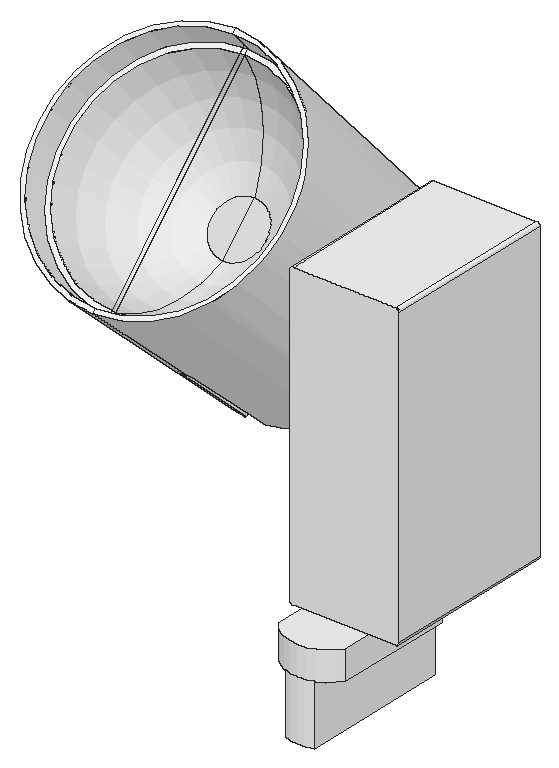
Revit family "0004865 Feilo Sylvania Lighting Fixture START TRACK SPOT L 35W 3K RA90 NB WHITE", category Lighting Fixtures, host Face, Revit 2017 (continued)
Definition of nested family "Start Track Spot Head"
  Types (96, lengths in mm): name | Wattage | built-in parameter 1150134 | Photometric Web File | Model | built-in parameter 1150105 | Lumens | built-in parameter 1150107 | built-in parameter 1150106 | HeadThickness_FEILO | HeadRibOffset_FEILO | HeadRibDepth_FEILO | HeadRibCutWidth_FEILO | HeadRibCutOffset_FEILO | HeadReflectorRadius_FEILO | HeadReflectorOffset_FEILO | HeadLEDRadius_FEILO | HeadHeight_FEILO | HeadDiffusorOffset_FEILO | HeadDiaOut_FEILO | HeadDiaIn_FEILO | HeadAxisFromTop_FEILO | Emit from Circle Diameter | built-in parameter 1150104 | Description | Apparent Load
    0004812 START TRACK SPOT S 14W 3K RA80 MB WHITE | 14 W | (empty or 0) | "0004812.ies" | "START TRACK SPOT S 14W 3K RA80 MB WHITE" | 120.32 (stored number, unit not read) | 1512 lm | 3000 (stored number, unit not read) | 1.2032 (stored number, unit not read) | 1.5 | 4.179 | 55.714 | 7.167 | 50.87 | 50.588 | 55.714 | 9.556 | 117 | 9.435 | 86 | 77.477 | 69.354 | 77.477 | 10.034 (stored number, unit not read) | "Integrated LED spotlight, Textured White - RAL9016, compact and minimalist design, ideal for retail applications, die-cast aluminium body, passive cooling heatsink. Beam angle: 36°, color temperature: 3000K , total system power: 14W, total fixture output: 1508 lm, LOR: 100%, colour rendering: Ra: 80 typical, LED Chromaticity: 3 step MacAdam ellipse, lifetime: >50000 hours at L70B50, energy class: A++, A+, A, IR/UV free light source without heat radiation, operating voltage: 220-240V / 50-60Hz, drive current: 350mA, electronic driver, non-dimmable, power factor: 0.92, electrical protection: Class II, Global Track 3 Phase adapter suitable for Global trac 3-circuit tracks, ingress protection rating: IP20, suitable for internal environment only, horizontal rotation: 355°, vertical tilt: 90°, dimensions: Ø86x140x200, weight: 0.940kg." | 14 VA
    0004811 START TRACK SPOT S 14W 3K RA80 NB WHITE | 14 W | (empty or 0) | "0004811.ies" | "START TRACK SPOT S 14W 3K RA80 NB WHITE" | 123.66 (stored number, unit not read) | 1554 lm | 3000 (stored number, unit not read) | 1.2366 (stored number, unit not read) | 1.5 | 4.179 | 55.714 | 7.167 | 50.87 | 50.588 | 55.714 | 9.556 | 117 | 9.435 | 86 | 77.477 | 69.354 | 77.477 | 10.312 (stored number, unit not read) | "Integrated LED spotlight, Textured White - RAL9016, compact and minimalist design, ideal for retail applications, die-cast aluminium body, passive cooling heatsink. Beam angle: 12°, color temperature: 3000K , total system power: 14W, total fixture output: 1551 lm, LOR: 100%, colour rendering: Ra: 80 typical, LED Chromaticity: 3 step MacAdam ellipse, lifetime: >50000 hours at L70B50, energy class: A++, A+, A, IR/UV free light source without heat radiation, operating voltage: 220-240V / 50-60Hz, drive current: 350mA, electronic driver, non-dimmable, power factor: 0.92, electrical protection: Class II, Global Track 3 Phase adapter suitable for Global trac 3-circuit tracks, ingress protection rating: IP20, suitable for internal environment only, horizontal rotation: 355°, vertical tilt: 90°, dimensions: Ø86x140x200, weight: 0.940kg." | 14 VA
  Reference planes
    plane 1 "Center (Front/Back)": y = 0
    plane 2: z = 0
    plane 3 "Center (Left/Right)": x = 0
    plane 4: x = 43
    plane 5: x = -43
    plane 6: x = -38.739
    plane 7: x = 38.739
    plane 8: z = 69.354
    plane 9: z = -47.646
    plane 10: x = -41.5
    plane 11: x = -37.239
    plane 12: z = -38.211
    plane 13: z = -35.211
    plane 14: z = 8.068
    plane 15: x = -9.556
    plane 16: x = -28.667
    plane 17: x = -19.111
    plane 18: x = -27.167
    plane 19: x = -17.611
    plane 20: x = -8.056
    plane 21: z = 13.64
    plane 22: x = -29.667
    plane 23: x = -26.167
    plane 24: x = -20.111
    plane 25: x = -16.611
    plane 26: x = -10.556
    plane 27: x = -7.056
    plane 28: x = -36.239
    plane 29: x = -40.5
    plane 30: z = 65.175
    plane 31: z = 60.997
    plane 32: z = 56.818
    plane 33: z = 18.484
    plane 34: y = -43
    plane 35: y = 43
    plane 36: y = 3.583
    plane 37: y = -3.583
    plane 38: y = -2.583
    plane 39: y = 2.583
    plane 40: y = 46
    plane 41: z = 13.5
    plane 42: z = -13.5
    plane 43: y = 39
    plane 44: x = 4.708
    plane 45: x = -2.458
    plane 46: x = -1.458
    plane 47: x = 1.458
  Forms (mm)
    Extrusion 1, solid
      sketch origin (4.2, 0, 0) x (1, 0, 0) y (0, 1, 0)
        loop
          line (-1219.2, 1219.2) -> (-1219.2, -1219.2) -> (1219.2, -1219.2) -> (1219.2, 1219.2) -> (-1219.2, 1219.2)
      from 0 to -68.017
    Revolve 2, solid, material <- "Material_1_FEILO", detail levels medium+fine
      sketch origin (0, 0, 0) x (1, 0, 0) y (0, 0, 1)
        loop
          line (-43, -47.646) -> (-41.5, -47.646) -> (-40.5, -35.211) -> (-38.739, -35.211)
          arc (-38.739, -35.211) -> (-30.16, -9.517) -> (-9.556, 8.068) r 50.588
          line (-9.556, 8.068) -> (0, 8.068) -> (0, 13.64) -> (-16.611, 13.64) -> (-17.611, 60.997) -> (-19.111, 60.997) -> (-20.111, 13.64) -> (-36.239, 13.64) -> (-37.239, 69.354) -> (-38.739, 69.354) -> (-43, -47.646)
        axis (0, 69.354) -> (0, -47.646)
      angle from 360 to 0
    Extrusion 3, void
      sketch origin (0, 0, 0) x (0, 1, 0) y (0, 0, 1)
        loop
          line (-3.583, 69.354) -> (-2.583, 18.484) -> (1.932, 18.484) -> (2.932, 69.354) -> (-3.583, 69.354)
      from 43 to -43
    Revolve 4, solid, material <- "Material_2_FEILO", detail levels medium+fine
      sketch origin (0, 0, 0) x (1, 0, 0) y (0, 0, 1)
        loop
          line (-41.5, -38.211) -> (0, -38.211) -> (0, -35.211) -> (-41.5, -35.211) -> (-41.5, -38.211)
        axis (0, -35.211) -> (0, -38.211)
      angle from 360 to 0
    Revolve 5, solid, material <- "Material_1_FEILO"
      sketch origin (0, 0, 0) x (0, 1, 0) y (0, 0, 1)
        loop
          line (46, 0) -> (39, 0) -> (39, -13.5) -> (46, -13.5) -> (46, 0)
        axis (39, 0) -> (46, 0)
      angle from 360 to 0
    Revolve 6, solid, material <- "Material_1_FEILO", detail levels medium+fine
      sketch origin (0, 0, 0) x (1, 0, 0) y (0, 0, 1)
        loop
          line (-29.667, 13.64) -> (-26.167, 13.64) -> (-27.167, 65.175) -> (-28.667, 65.175) -> (-29.667, 13.64)
        loop
          line (-10.556, 13.64) -> (-7.056, 13.64) -> (-7.833, 56.818) -> (-9.778, 56.818) -> (-10.556, 13.64)
        axis (0, 65.175) -> (0, 13.64)
      angle from 360 to 0
    Extrusion 7, void
      sketch origin (0, 0, 0) x (1, 0, 0) y (0, 0, 1)
        loop
          line (4.708, 69.354) -> (-2.458, 69.354) -> (-1.458, 13.64) -> (1.458, 13.64) -> (4.708, 69.354)
      from -43 to 43
    Revolve 8, solid, material <- "Material_1_FEILO", detail levels coarse
      sketch origin (0, 0, 0) x (1, 0, 0) y (0, 0, 1)
        loop
          line (0, 69.354) -> (-38.739, 69.354) -> (-43, -47.646) -> (-41.5, -47.646) -> (-40.731, -38.211) -> (0, -38.211) -> (0, 69.354)
        axis (0, 69.354) -> (0, -47.646)
      angle from 360 to 0
  Cuts and joins
    Extrusion 3 cuts Revolve 2
    Extrusion 7 cuts Revolve 6
  Dimensions and locks
    equal spacing: plane 7, plane 3 "Center (Left/Right)", plane 6
    equal spacing: plane 4, plane 3 "Center (Left/Right)", plane 5
    "HeadDiaOut_FEILO": plane 4 to plane 5
    "HeadDiaIn_FEILO": plane 7 to plane 6
    "HeadHeight_FEILO": plane 8 to plane 9
    "HeadThickness_FEILO": plane 10 to plane 5
    "HeadThickness_FEILO": plane 11 to plane 6
    "HeadDiffusorOffset_FEILO": plane 12 to plane 9
    "HeadDiffusorThickness_FEILO": plane 13 to plane 12
    "HeadReflectorOffset_FEILO": plane 14 to plane 9
    "HeadLEDRadius_FEILO": plane 3 "Center (Left/Right)" to plane 15
    "HeadLEDRadius_FEILO": plane 15 to plane 17
    "HeadLEDRadius_FEILO": plane 17 to plane 16
    "HeadThickness_FEILO": plane 18 to plane 16
    "HeadThickness_FEILO": plane 19 to plane 17
    "HeadThickness_FEILO": plane 20 to plane 15
    "HeadRibDepth_FEILO": plane 8 to plane 21
    "HeadDraft_FEILO": plane 16 to plane 22
    "HeadDraft_FEILO": plane 23 to plane 18
    "HeadDraft_FEILO": plane 17 to plane 24
    "HeadDraft_FEILO": plane 25 to plane 19
    "HeadDraft_FEILO": plane 15 to plane 26
    "HeadDraft_FEILO": plane 27 to plane 20
    "HeadDraft_FEILO": plane 29 to plane 10
    "HeadDraft_FEILO": plane 28 to plane 11
    "HeadRibOffset_FEILO": plane 8 to plane 30
    "HeadRibOffset_FEILO": plane 30 to plane 31
    "HeadRibOffset_FEILO": plane 31 to plane 32
    "HeadAxisFromTop_FEILO": plane 8 to plane 2
    "HeadRibCutOffset_FEILO": plane 8 to plane 33
    equal spacing: plane 34, plane 1 "Center (Front/Back)", plane 35
    "HeadDiaOut_FEILO": plane 34 to plane 35
    equal spacing: plane 38, plane 1 "Center (Front/Back)", plane 39
    equal spacing: plane 37, plane 1 "Center (Front/Back)", plane 36
    "HeadRibCutWidth_FEILO": plane 37 to plane 36
    "HeadDraft_FEILO": plane 37 to plane 38
    locked: plane 35 to plane 40 at 3
    equal spacing: plane 41, plane 2, plane 42
    locked: plane 42 to plane 41 at 27
    locked: plane 43 to plane 35 at 4
    equal spacing: plane 45, imposter light, plane 44
    "HeadDraft_FEILO": plane 46 to plane 45
    "HeadRibCutWidth_FEILO": plane 44 to plane 45
    equal spacing: plane 47, plane 3 "Center (Left/Right)", plane 46
    "HeadReflectorRadius_FEILO": radius of Revolve 2 sketch curve
    aligned and locked: plane 2 to Extrusion 1
    aligned and locked: level to Extrusion 1
    aligned and locked: Revolve 2 sketch curve to plane 3 "Center (Left/Right)"  (x2)
    aligned and locked: plane 9 to Revolve 2 sketch curve  (x2)
    aligned and locked: plane 5 to Revolve 2 sketch curve
    aligned and locked: plane 10 to Revolve 2 sketch curve
    aligned and locked: plane 14 to Revolve 2 sketch curve
    aligned and locked: plane 8 to Revolve 2 sketch curve
    aligned and locked: Revolve 2 sketch curve to plane 13
    aligned and locked: plane 12 to Revolve 4 sketch curve
    aligned and locked: plane 3 "Center (Left/Right)" to Revolve 4 sketch curve
    aligned and locked: Revolve 4 sketch curve to plane 10
    aligned and locked: Revolve 4 sketch curve to plane 3 "Center (Left/Right)"
    aligned and locked: plane 12 to imposter light
    aligned and locked: imposter light to plane 1 "Center (Front/Back)"
    aligned and locked: Revolve 5 sketch curve to plane 2
    aligned and locked: plane 43 to Revolve 5 sketch curve
    aligned and locked: plane 42 to Revolve 5 sketch curve
    aligned and locked: Revolve 6 sketch curve to plane 3 "Center (Left/Right)"
    aligned and locked: plane 22 to Revolve 6 sketch curve
    aligned and locked: plane 30 to Revolve 6 sketch curve
    aligned and locked: plane 23 to Revolve 6 sketch curve
    aligned and locked: Revolve 6 sketch curve to plane 21  (x2)
    aligned and locked: plane 21 to Revolve 6 sketch curve
    aligned and locked: plane 17 to Revolve 2 sketch curve
    aligned and locked: plane 19 to Revolve 2 sketch curve
    aligned and locked: plane 31 to Revolve 2 sketch curve
    aligned and locked: plane 21 to Revolve 2 sketch curve
    aligned and locked: Extrusion 3 to plane 8
    aligned and locked: plane 33 to Extrusion 3
    aligned and locked: plane 8 to Extrusion 3 sketch curve
    aligned and locked: Extrusion 3 sketch curve to plane 33
    aligned and locked: Extrusion 3 to plane 5
    aligned and locked: plane 4 to Extrusion 3
    aligned and locked: plane 32 to Revolve 6 sketch curve
    aligned and locked: plane 44 to Extrusion 7 sketch curve
    aligned and locked: Extrusion 7 sketch curve to plane 8
    aligned and locked: plane 46 to Extrusion 7 sketch curve
    aligned and locked: plane 21 to Extrusion 7 sketch curve
    aligned and locked: plane 34 to Extrusion 7
    aligned and locked: Extrusion 7 to plane 35
    aligned and locked: Revolve 4 sketch curve to plane 13
    aligned and locked: Revolve 5 sketch curve to plane 40
    aligned and locked: Revolve 8 sketch curve to plane 3 "Center (Left/Right)"
    aligned and locked: Revolve 8 sketch curve to cut or joined group of Revolve 2, Extrusion 3  (x3)
    aligned and locked: plane 5 to Revolve 8 sketch curve
    aligned and locked: plane 3 "Center (Left/Right)" to Revolve 8 sketch curve
    aligned and locked: plane 12 to Revolve 8 sketch curve
  Automatic sketch dimensions
    Extrusion 1 sketch curve to Extrusion 1 sketch curve = 2438.4 mm  (x2)
    Extrusion 3 sketch curve to plane 37 = 0 mm
    Extrusion 3 sketch curve to plane 38 = 0 mm
    plane 39 to Extrusion 3 sketch curve = 0.651 mm
    Extrusion 3 sketch curve to plane 39 = 0.349 mm
    Revolve 6 sketch curve to plane 16 = 0 mm
    Revolve 6 sketch curve to plane 18 = 0 mm
    Revolve 6 sketch curve to plane 26 = 0 mm
    Revolve 6 sketch curve to plane 27 = 0 mm
    Revolve 6 sketch curve to plane 15 = 0.222 mm
    plane 9 to Revolve 6 sketch curve = 559.103 mm
    Revolve 6 sketch curve to plane 8 = 2535.555 mm
    plane 20 to Revolve 6 sketch curve = 0.222 mm
    Revolve 2 sketch curve to plane 29 = 0 mm
    Revolve 2 sketch curve to plane 6 = 0 mm  (x2)
    Revolve 2 sketch curve to plane 11 = 0 mm
    Revolve 2 sketch curve to plane 21 = 0 mm
    Revolve 2 sketch curve to plane 28 = 0 mm
    Revolve 2 sketch curve to plane 24 = 0 mm
    Revolve 2 sketch curve to plane 25 = 0 mm
    Revolve 2 sketch curve to plane 15 = 0 mm
    Revolve 2 sketch curve to Revolve 2 sketch curve = 557.155 mm
    Revolve 2 sketch curve to plane 8 = 2535.558 mm
    Extrusion 7 sketch curve to plane 45 = 0 mm
    Extrusion 7 sketch curve to plane 47 = 0 mm
    plane 9 to Revolve 4 sketch curve = 559.103 mm
    Revolve 4 sketch curve to plane 8 = 2535.555 mm
    Revolve 5 sketch curve to level = 0 mm
    plane 34 to Revolve 5 sketch curve = 1968.092 mm
    Revolve 5 sketch curve to plane 40 = 1405.763 mm
    Revolve 8 sketch curve to plane 6 = 0 mm
    Revolve 8 sketch curve to plane 29 = 0.231 mm
    plane 9 to Revolve 8 sketch curve = 559.103 mm
    Revolve 8 sketch curve to Revolve 8 sketch curve = 2535.555 mm
Definition of nested family "Start Track Spot Box"
  Parameters (values of type "Type Large White")
    URL = "http://www.feilosylvania.com"
    Type Image = (empty or 0)
    Type Comments = "n/a"
    Small_FEILO = no
    Material_3_FEILO = none
    Model = ""
    Manufacturer = "Feilo Sylvania"
    Keynote = ""
    Material_2_FEILO = none
    Description = ""
    Default Elevation = 1219.2 mm
    Cost = 0
    Material_1_FEILO = none
    BoxWidth_FEILO = 49 mm
    BoxStartAngle_FEILO [instance] = 0.00°
    BoxRadius_FEILO = 1.5 mm
    BoxHeight_FEILO = if(Small_FEILO, 112 mm, 136 mm)  # 136 mm
    BoxEndAngle_FEILO [instance] = BoxStartAngle_FEILO - 180.00°  # -180.00°
    BoxDepth_FEILO = if(Small_FEILO, 71.5 mm, 79 mm)  # 79 mm
    BoxAxisVerticalOffset_FEILO = 16 mm
    BoxAxisOffset_FEILO = BoxHeight_FEILO / 6.8  # 20 mm
    Assembly Code = ""
    Material_4_FEILO = none
  Types (4, lengths in mm): name | Small_FEILO | BoxHeight_FEILO | BoxDepth_FEILO | BoxAxisOffset_FEILO
    Type Large White | no | 136 | 79 | 20
    Type Small White | yes | 112 | 71.5 | 16.471
    Type Small Black | yes | 112 | 71.5 | 16.471
    Type Large Black | no | 136 | 79 | 20
  Reference planes
    plane 1 "Center (Front/Back)": y = 0
    plane 2: z = 0
    plane 3 "Center (Left/Right)": x = 0
    plane 4: x = 24.5
    plane 5: x = -24.5
    plane 6: y = 68
    plane 7: y = -68
    plane 8: z = 39.5
    plane 9: z = -39.5
    plane 10: y = -48
    plane 11: x = 30.5
    plane 12: x = 8.5
    plane 13: x = 21.5
    plane 14: y = 70
    plane 15: y = 72
    plane 16: x = 19.5
  Forms (mm)
    Extrusion 1, solid
      sketch origin (4.2, 0, 0) x (1, 0, 0) y (0, 1, 0)
        loop
          line (-1219.2, 1219.2) -> (-1219.2, -1219.2) -> (1219.2, -1219.2) -> (1219.2, 1219.2) -> (-1219.2, 1219.2)
      from 0 to -68.017
    Extrusion 2, solid, material <- "Material_1_FEILO"
      sketch origin (0, 0, 0) x (1, 0, 0) y (0, 1, 0)
        loop
          arc (-23, 68) -> (-24.061, 67.561) -> (-24.5, 66.5) r 1.5
          line (-24.5, 66.5) -> (-24.5, -66.5)
          arc (-24.5, -66.5) -> (-24.061, -67.561) -> (-23, -68) r 1.5
          line (-23, -68) -> (23, -68)
          arc (23, -68) -> (24.061, -67.561) -> (24.5, -66.5) r 1.5
          line (24.5, -66.5) -> (24.5, 66.5)
          arc (24.5, 66.5) -> (24.061, 67.561) -> (23, 68) r 1.5
          line (23, 68) -> (-23, 68)
      from -39.5 to 39.5
    Revolve 3, solid, not visible
      sketch origin (0, 0, 0) x (1, 0, 0) y (0, 1, 0)
        loop
          line (30.5, -48) -> (24.5, -48) -> (24.5, -68) -> (30.5, -68) -> (30.5, -48)
        axis (30.5, -48) -> (24.5, -48)
      angle from 0 <- "BoxStartAngle_FEILO" to -180 <- "BoxEndAngle_FEILO"
    Revolve 4, solid, material <- "Material_2_FEILO"
      sketch origin (0, 0, 0) x (1, 0, 0) y (0, 1, 0)
        loop
          line (8.5, 68) -> (19.5, 68) -> (19.5, 70) -> (21.5, 70) -> (21.5, 72) -> (8.5, 72) -> (8.5, 68)
        axis (8.5, 72) -> (8.5, 68)
      angle from 360 to 0
  Dimensions and locks
    equal spacing: plane 5, plane 3 "Center (Left/Right)", plane 4
    "BoxWidth_FEILO": plane 5 to plane 4
    equal spacing: plane 7, plane 1 "Center (Front/Back)", plane 6
    "BoxHeight_FEILO": plane 7 to plane 6
    equal spacing: plane 8, plane 2, plane 9
    "BoxDepth_FEILO": plane 8 to plane 9
    "BoxAxisOffset_FEILO": plane 7 to plane 10
    locked: plane 4 to plane 11 at 6
    "BoxAxisVerticalOffset_FEILO": plane 12 to plane 4
    locked: plane 12 to plane 13 at 13
    plane 6 to plane 14 to plane 15 = 2 mm locked, 2 mm locked
    locked: plane 12 to plane 16 at 11
    "BoxRadius_FEILO": radius of Extrusion 2 sketch curve  (x4)
    aligned and locked: plane 2 to Extrusion 1
    aligned and locked: level to Extrusion 1
    aligned and locked: plane 6 to Extrusion 2 sketch curve
    aligned and locked: plane 5 to Extrusion 2 sketch curve
    aligned and locked: Extrusion 2 sketch curve to plane 7
    aligned and locked: Extrusion 2 sketch curve to plane 4
    aligned and locked: Extrusion 2 to plane 8
    aligned and locked: plane 9 to Extrusion 2
    aligned and locked: Revolve 3 sketch curve to plane 10  (x2)
    aligned and locked: plane 11 to Revolve 3 sketch curve
    aligned and locked: Revolve 3 sketch curve to plane 4
    aligned and locked: plane 7 to Revolve 3 sketch curve
    aligned and locked: Revolve 4 sketch curve to plane 12
    aligned and locked: plane 6 to Revolve 4 sketch curve
    aligned and locked: plane 12 to Revolve 4 sketch curve
    aligned and locked: plane 15 to Revolve 4 sketch curve
    aligned and locked: Revolve 4 sketch curve to plane 13
    aligned and locked: Revolve 4 sketch curve to plane 14
    aligned and locked: Revolve 4 sketch curve to plane 16
    aligned and locked: Revolve 4 sketch curve to plane 6
  Automatic sketch dimensions
    Extrusion 1 sketch curve to Extrusion 1 sketch curve = 2438.4 mm  (x2)
    Revolve 3 sketch curve to plane 5 = 1499.5 mm
    plane 11 to Revolve 3 sketch curve = 1493.5 mm
    plane 15 to Revolve 4 sketch curve = 0 mm
    plane 7 to Revolve 4 sketch curve = 1456 mm
    Revolve 4 sketch curve to plane 15 = 1452 mm
